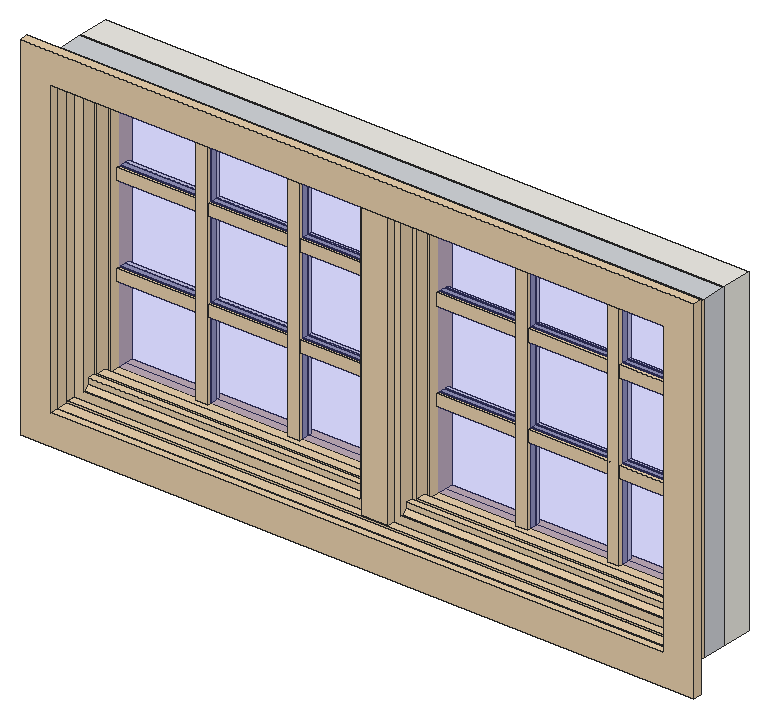
Revit family "1 Window-Awning-Andersen-400_Series_Twin", category Windows, host Wall, Revit 2014
Parameters
  XPanelWidth = (Width / 2) - 0' 0 107/128"  # 1' - 11 21/128"
  XPanelHeight = Height - 0' 1 1/8"  # 1' - 10 7/8"
  Visual Light Transmittance = 0.48  # constant formula
  Thermal Resistance (R) = 0.62871  # 3.5700 (h·ft²·°F)/BTU
  TFL = if(Fractional Lights High > 5, 3, if(or(Fractional Lights High = 4, Fractional Lights High = 5), 2, if(or(Fractional Lights High = 2, Fractional Lights High = 3), 1, 1)))  # 2
  TFB = TFL - 1  # 1
  Solar Heat Gain Coefficient = 0.21  # constant formula
  Learn About These Parameters = "http://www.andersenwindows.com/for-professionals/cad-symbols-bim-support-window-doors/bim-support"
  LWide = if(Enter Pattern Number = 3, 3, if(Enter Pattern Number = 1, . . Lights Wide, Fractional Lights Wide))  # 3
  Heat Transfer Coefficient (U) = 1.5899  # 0.2800 BTU/(h·ft²·°F)
  Glazing Material = Glass ‐ Andersen - Low-E4 SmartSun
  Fractional Lights Wide = 3
  Fractional Lights High = 5
  Exterior Unit Finish = Vinyl - Andersen - White
  Enter Jamb Condition = 1
  Analytic Construction = "<None>"
  ..Jamb Condition Number 1 = "Extension Jamb Only"  # constant formula
  ..Jamb Condition Number 2 = "Narrow Drywall Return"  # constant formula
  ..Jamb Condition Number 3 = "Wide Drywall Return"  # constant formula
  Available Grille Bar Sizes = "3/4'', 7/8'', 1 1/8'', 2 1/4''"  # constant formula
  Between Glass Grille Bar Sizes = "3/4'', 1''"  # constant formula
  Interior Casing = yes
  Grille Bar Size = 0' - 0 7/8"
  Enter Pattern Number = 1
  ..Pattern Number 1 = "Colonial"  # constant formula
  . . Lights Wide = 3
  . . Lights High = 3
  ..Pattern Number 2 = "Modified Colonial"  # constant formula
  ..Pattern Number 3 = "Prairie"  # constant formula
  ..Pattern Number 4 = "Short Fractional"  # constant formula
  ..Pattern Number 5 = "Tall Fractional"  # constant formula
  Extension Jamb = yes
  Enter Exterior Trim Number = 0
  ..Exterior Trim Number 0 = "No Exterior Trim"  # constant formula
  ..Exterior Trim Number 1 = "Brick Mould"  # constant formula
  ..Exterior Trim Number 2 = "3 1/2'' Flat Casing"  # constant formula
  ..Exterior Trim Number 3 = "4 1/2'' Flat Casing"  # constant formula
  Interior Grille Bar = yes
  Exterior Grille Bar = yes
  Between Glass Grille Bar = yes
  xjamb Visibility [instance] = and(and(Enter Jamb Condition = 1, Wall Depth > 0' 2 7/8"), Extension Jamb)  # yes
  xjamb S1 [instance] = if(Wall Depth > 0' 3", Wall Depth - 0' 2 27/32", 0' 3")  # 0' - 1 23/32"
  sill nose1 = 0' - 1 13/16"  # constant formula
  sill nose 2 = 0' - 1 15/16"  # constant formula
  casingS2 = if(Enter Exterior Trim Number = 1, 0' 0 3/16", 0' 0 3/16")  # 0' - 0 3/16"
  casingS1 = if(Enter Exterior Trim Number = 1, 0' 0 7/16", 0' 0 3/16")  # 0' - 0 3/16"
  casing4 = if(Enter Exterior Trim Number = 1, 0' 1 3/4", if(Enter Exterior Trim Number = 2, 0' 3 1/4", 0' 4 1/4"))  # 0' - 4 1/4"
  casing3 = 0' - 0 1/2"  # constant formula
  casing2 = 0' - 0 7/8"  # constant formula
  casing1 = 0' - 0 1/4"  # constant formula
  Xjamb 2 = if(or(Enter Jamb Condition = 2, Enter Jamb Condition = 3), 0' 0 1/32", 0' 0 1/2")  # 0' - 0 1/2"
  Xjamb 1 = if(or(Enter Jamb Condition = 2, Enter Jamb Condition = 3), 0' 0 5/8", 0' 1 3/32")  # 0' - 1 3/32"
  Wall Thickness [instance] = 0' - 6"
  Wall Depth [instance] = 0' - 4 9/16"
  Void Offset 2 = if(Enter Exterior Trim Number > 0, 0' 1 15/16", 0' 0")  # 0' - 0"
  Void Offset 1 = if(Enter Exterior Trim Number > 0, casing4, 0' 0")  # 0' - 0"
  Void Depth [instance] = if(Wall Thickness > Wall Depth, 0' 1" + Wall Thickness - Wall Depth, 0' 1")  # 0' - 2 7/16"
  VeriLock Sensor [instance] = no
  VGB DLO = if(Enter Pattern Number = 3, 0' 4", (H DLO - (Grille Bar Size * (V Bars))) / if(LWide > 2, LWide, 3))  # 1' - 1.91667"
  V Bars = if(Enter Pattern Number = 3, 2, if(LWide > 2, LWide - 1, 2))  # 2
  URL = "www.andersenwindows.com"
  Type Comments = "Vinyl-clad wood awning window"
  TS V DLO = Height - HGO - SGO  # 1' - 7 3/8"
  TS V Bar Length = if(or(Enter Pattern Number = 5, Enter Pattern Number = 2), ((((Height - HGO - SGO - (Grille Bar Size * (Fractional Lights High - 1))) / Fractional Lights High)) * TFL) + (TFB * Grille Bar Size), if(Enter Pattern Number = 4, ((Height - HGO - SGO - (Grille Bar Size * (Fractional Lights High - 1))) / Fractional Lights High), Height - HGO - SGO))  # 1' - 7 3/8"
  TS SH DLO = if(or(Enter Pattern Number = 5, Enter Pattern Number = 2), ((((Height - HGO - SGO - (Grille Bar Size * (Fractional Lights High - 1))) / Fractional Lights High)) * TFL) + (TFB * Grille Bar Size) + HGO + (Grille Bar Size / 2), if(Enter Pattern Number = 4, TS V Bar Length + HGO + (Grille Bar Size / 2), (TS V DLO / 2) + HGO))  # 1' - 0 1/16"
  TS S V = or(and(LWide = 2, Enter Pattern Number = 1), and(Fractional Lights Wide = 2, or(or(Enter Pattern Number = 2, Enter Pattern Number = 4), Enter Pattern Number = 5)))  # no
  TS S H Craftsman = and(Enter Pattern Number = 2, or(Fractional Lights High = 4, Fractional Lights High = 5))  # no
  TS S H = or(or(or(and(. . Lights High = 2, Enter Pattern Number = 1), and(Enter Pattern Number = 4, Fractional Lights High > 1)), and(Enter Pattern Number = 5, Fractional Lights High > 1)), and(Enter Pattern Number = 2, Fractional Lights High > 1))  # no
  TS M V = LWide > 2  # yes
  TS M H = or(or(Enter Pattern Number = 3, and(. . Lights High > 2, Enter Pattern Number = 1)), and(Enter Pattern Number = 2, Fractional Lights High > 5))  # yes
  TS HGB DLO = if(Enter Pattern Number = 1, if(. . Lights High > 2, ((TS V Bar Length - (Grille Bar Size * (. . Lights High - 1))) / . . Lights High), 0' 4"), if(Enter Pattern Number = 3, 0' 4", if(Fractional Lights High > 2, ((TS V Bar Length - (Grille Bar Size * 2)) / 3), 0' 4")))  # 0' - 5 7/8"
  TS H Bars = if(Enter Pattern Number = 3, 2, if(Enter Pattern Number = 1, if(. . Lights High > 2, . . Lights High - 1, 2), 2))  # 2
  Step Visibility = or(Enter Jamb Condition = 2, Enter Jamb Condition = 3)  # no
  Step Jamb2 = if(Enter Jamb Condition = 2, 0' 0 1/4", 0' 0 13/16")  # 0' - 0 13/16"
  Step Jamb1 = 0' - 1 1/8"  # constant formula
  Sill Stop Dim [instance] = 0' - 2 1/2"
  SGO = 0' - 2 1/4"  # constant formula
  Rough Width = Width + (Rough Opening Offset * 2)  # 4' - 0 1/2"
  Rough Opening Offset = 0' - 0 1/4"
  Rough Height = Height + (Rough Opening Offset * 2)  # 2' - 0 1/2"
  Push Out Stop Visibility [instance] = no
  Product Documentation Link = "https://www.andersenwindows.com/windows-and-doors/windows/awning-windows/400-series-awning-window/"
  Plan Exterior Mask Visibility [instance] = Plan Exterior Mask 2 > 0' 0 1/32"  # yes
  Plan Exterior Mask 2 [instance] = if(Enter Exterior Trim Number > 0, if(Wall Depth + 0' 1 1/16" + casingS1 > Wall Thickness, 0' 0 1/32", Wall Thickness - Wall Depth - 0' 1 1/16" - casingS1), if(Wall Depth + 0' 1 1/16" > Wall Thickness, 0' 0 1/32", Wall Thickness - Wall Depth - 0' 0 1/16"))  # 0' - 1 3/8"
  Plan Exterior Mask [instance] = if(Enter Exterior Trim Number > 0, 0' 1 1/16" + casingS1, 0' 1 1/16")  # 0' - 1 1/16"
  Nail Fin Visibility = Enter Exterior Trim Number = 0  # yes
  Model = "400-Series Awning"  # constant formula
  Masonry Width = if(Enter Exterior Trim Number > 0, Width + ((casing4 + Masonry Opening Offset) * 2), Width + (Masonry Opening Offset * 2))  # 4' - 0 1/2"
  Masonry Opening Offset = 0' - 0 1/4"
  Masonry Height = if(Enter Exterior Trim Number > 0, Height + (casing4 + Masonry Opening Offset) + (sill nose 2 + Masonry Opening Offset), Height + (Masonry Opening Offset * 2))  # 2' - 0 1/2"
  Manufacturer = "Andersen Corporation"  # constant formula
  JGO = 0' - 2 1/4"  # constant formula
  Interior Trim Visibility = and(Enter Jamb Condition = 1, Interior Casing)  # yes
  Interior Material = Wood - Andersen - Pine
  Interior Casing Size = 0' - 2 1/4"
  Horizontal Craftsman Bar Size = 0' - 0 7/8"
  Height = 2' - 0"
  Head Stop Dim [instance] = 0' - 2 17/64"
  HGO = 0' - 2 3/8"  # constant formula
  H DLO = Width - (JGO * 2)  # 3' - 7 1/2"
  Family Version = "01.01.19"  # constant formula
  Exterior Trim Finish = Fibrex Composite - Andersen - White
  Designation = "CMT"
  Description = "Vinyl-clad wood awning window"  # constant formula
  Default Sill Height = 6' 10 1/2" - Rough Height  # 4' - 10"
  Wall Closure = By host
  Width = 4' - 0"
  Crank Out Stop Visibility [instance] = yes
  Coarse Plan [instance] = if(Wall Depth < Wall Thickness, Wall Depth, Wall Thickness)  # 0' - 4 9/16"
  Casing Visibility = Enter Exterior Trim Number > 0  # no
  Between Glass Grille Bar Finish = Stainless Steel - Andersen - Standard
  Bar Center Line = if(Enter Pattern Number = 3, 1, 2)  # 2
  Assembly Code = "B2020100"
Reference planes (in)
  plane 1 "Center (Front/Back)": y = 0
  plane 2: z = 0
  plane 3 "Center (Left/Right)": x = 0
  plane 4 "R Frame": x = -24
  plane 5 "L Frame": x = 24
  plane 6 "B Frame": z = 58.25
  plane 7 "T Frame": z = 82.25
  plane 8 "L Glazing": x = 21.75
  plane 9 "L Ext Frame": x = 23.514
  plane 10 "L Stop": x = 22
  plane 11 "L Xjamb 1": x = 22.90625
  plane 12 "L Casing 1": x = 23.75
  plane 13 "L Xjamb 2": x = 23.5
  plane 14 "L Rough Opening": x = 24.25
  plane 15 "L Casing 2": x = 27.375
  plane 16 "L Casing 3": x = 27.75
  plane 17 "L Casing 4": x = 28.25
  plane 18 "R Glazing": x = -21.75
  plane 19 "R Ext Frame": x = -23.514
  plane 20 "R Stop": x = -22
  plane 21 "R Xjamb 1": x = -22.90625
  plane 22 "R Casing 1": x = -23.75
  plane 23 "R Xjamb 2": x = -23.5
  plane 24 "R Rough Opening": x = -24.25
  plane 25 "R Casing 2": x = -27.375
  plane 26 "R Casing 3": x = -27.75
  plane 27 "R Casing 4": x = -28.25
  plane 28 "R Int Casing": x = -25.15625
  plane 29 "T Ext Frame": z = 81.68689
  plane 30 "T Xjamb 1": z = 81.15625
  plane 31 "T Casing 1": z = 82
  plane 32 "T Xjamb 2": z = 81.75
  plane 33 "T Rough Opening": z = 82.5
  plane 34 "T Casing 2": z = 85.625
  plane 35 "T Casing 3": z = 86
  plane 36 "T Casing 4": z = 86.5
  plane 37 "T Int Casing": z = 83.40625
  plane 38 "B Ext Frame": z = 58.81311
  plane 39 "B Xjamb 2": z = 58.75
  plane 40 "B Casing 1": z = 58.5
  plane 41 "B Casing 2": z = 56.3125
  plane 42 "B Int Casing": z = 56.985
  plane 43 "L Int Casing": x = 25.15625
  plane 44 "Casing S1": y = 3.062
  plane 45 "Casing S2": y = 3.062
  plane 46 "Frame S1": y = 2.8745
  plane 47 "Flange": y = 1.5625
  plane 48 "Sash1 S2": y = 0.5625
  plane 49 "Frame S2": y = -1.2855
  plane 50 "B Xjamb 1": z = 59.235
  plane 51 "Exterior Offset": y = 4
  plane 52 "Interior Casing": y = -3.625
  plane 53 "B Rough Opening": z = 58
  plane 54 "R Masonry Opening": x = -28.5
  plane 55 "L Masonry Opening": x = 28.5
  plane 56 "T Masonry Opening": z = 86.75
  plane 57 "B Masonry Opening": z = 56.0625
  plane 58 "Xjamb S1": y = -1.28125
  plane 59 "R Sash": x = -23.42
  plane 60 "L Sash": x = 23.42
  plane 61 "Stop S1": y = -1.4375
  plane 62 "T Sash": z = 81.5
  plane 63 "T Int Frame": z = 81.14
  plane 64 "B Int Frame": z = 59.235
  plane 65 "L Int Frame": x = 22.891
  plane 66 "R Int Frame": x = -22.891
  plane 67 "T Stop": z = 79.98437
  plane 68 "B Stop": z = 60.75
Forms (in)
  Extrusion 1, void
    sketch origin (0, 0, 0) x (1, 0, 0) y (0, 0, 1)
      loop
        line (24, 82.25) -> (-24, 82.25) -> (-24, 58.25) -> (24, 58.25) -> (24, 82.25)
    from -1.5625 to 3
  Extrusion 2, void
    sketch origin (0, 0, 0) x (1, 0, 0) y (0, 0, 1)
      loop
        line (24, 82.25) -> (-24, 82.25) -> (-24, 58.25) -> (24, 58.25) -> (24, 82.25)
    from -15 to -1.5625
  Extrusion 3, solid, material "Wood - Andersen - Pine" <- "Interior Material", visible <- "xjamb Visibility", detail levels medium+fine
    sketch origin (0, -2.5625, 0) x (-1, 0, 0) y (0, 0, 1)
      loop
        line (23.5, 81.75) -> (-23.5, 81.75) -> (-23.5, 58.75) -> (23.5, 58.75) -> (23.5, 81.75)
      loop
        line (22.90625, 81.15625) -> (-22.90625, 81.15625) -> (-22.90625, 59.235) -> (22.90625, 59.235) -> (22.90625, 81.15625)
    from 1.28125 to -0.4375
  Extrusion 4, solid, material "Wood - Andersen - Pine" <- "Interior Material", visible <- "Interior Trim Visibility", detail levels fine
    sketch origin (0, -3.625, 0) x (-1, 0, 0) y (0, 0, 1)
      loop
        line (25.15625, 83.40625) -> (-25.15625, 83.40625) -> (-25.15625, 56.985) -> (25.15625, 56.985) -> (25.15625, 83.40625)
      loop
        line (22.90625, 81.15625) -> (-22.90625, 81.15625) -> (-22.90625, 59.235) -> (22.90625, 59.235) -> (22.90625, 81.15625)
    from 0 to 0.625
  Extrusion 5, solid, material "Fibrex Composite - Andersen - White" <- "Exterior Trim Finish", visible <- "Casing Visibility", detail levels medium+fine
    sketch origin (0, 0, 0) x (0, 1, 0) y (0, 0, 1)
      loop
        line (2.31163, 58.25) -> (1.5625, 58.25) -> (1.5625, 56.3125) -> (3.375, 56.3125) -> (3.375, 58.0625) -> (2.31163, 58.25)
    from -28.25 to 28.25
  Sweep 6, solid, material "Fibrex Composite - Andersen - White" <- "Exterior Trim Finish", visible <- "Casing Visibility", detail levels medium+fine
    path origin (0, 1.5625, 0) x (-1, 0, 0) y (0, 0, 1)
      loop
        line (-28.25, 56.3125) -> (-28.25, 86.5) -> (28.25, 86.5) -> (28.25, 56.3125)
    profile origin (28.25, 1.5625, 71.40625) x (1, 0, 0) y (0, 1, 0)
      loop
        line (-0.875, 1.4995) -> (-4.5, 1.4995) -> (-4.5, 0) -> (0, 0) -> (0, 1.4995) -> (-0.5, 1.4995) -> (-0.875, 1.4995)
  Extrusion 7, solid, material "Fibrex Composite - Andersen - White" <- "Exterior Trim Finish", visible <- "Casing Visibility", detail levels coarse
    sketch origin (0, 1.5625, 0) x (-1, 0, 0) y (0, 0, 1)
      loop
        line (-28.25, 86.5) -> (-28.25, 56.3125) -> (28.25, 56.3125) -> (28.25, 86.5) -> (-28.25, 86.5)
      loop
        line (-23.75, 82) -> (-23.75, 58.25) -> (23.75, 58.25) -> (23.75, 82) -> (-23.75, 82)
    from 0 to 1.4995
  Extrusion 8, solid, material "Vinyl - Andersen - White" <- "Exterior Unit Finish"
    sketch origin (0, 0, 0) x (1, 0, 0) y (0, 0, 1)
      loop
        line (24, 82.25) -> (-24, 82.25) -> (-24, 58.25) -> (24, 58.25) -> (24, 82.25)
      loop
        line (23.514, 81.68689) -> (-23.514, 81.68689) -> (-23.514, 58.81311) -> (23.514, 58.81311) -> (23.514, 81.68689)
    from -2.8745 to -0.5625
  Extrusion 9, solid
    sketch origin (0, 0, 0) x (1, 0, 0) y (0, 0, 1)
      loop
        line (24, 82.25) -> (-24, 82.25) -> (-24, 58.25) -> (24, 58.25) -> (24, 82.25)
      loop
        line (22.891, 81.14) -> (-22.891, 81.14) -> (-22.891, 59.235) -> (22.891, 59.235) -> (22.891, 81.14)
    from -0.5625 to 1.2855
  Extrusion 10, solid, material "Wood - Andersen - Pine" <- "Interior Material"
    sketch origin (0, 0, 0) x (0, 1, 0) y (0, 0, 1)
      loop
        line (-0.4375, 60.75) -> (-0.4375, 60.673) -> (-1.00544, 60.673) -> (-1.00544, 60.26216) -> (-1.2885, 59.922) -> (-1.4375, 59.922) -> (-1.4375, 59.235) -> (0.5625, 59.235) -> (0.5625, 60.47) -> (0.2955, 60.75) -> (-0.4375, 60.75)
    from -22.891 to 22.891
  Extrusion 11, solid, material "Wood - Andersen - Pine" <- "Interior Material"
    sketch origin (0, 0, 0) x (1, 0, 0) y (0, 1, 0)
      loop
        line (-22.891, -1.4375) -> (-22.188, -1.4375) -> (-22.188, -0.4375) -> (-22, -0.4375) -> (-22, 0.5625) -> (-22.891, 0.5625) -> (-22.891, -1.4375)
      loop
        line (22.891, -1.4375) -> (22.891, 0.5625) -> (22, 0.5625) -> (22, -0.4375) -> (22.188, -0.4375) -> (22.188, -1.4375) -> (22.891, -1.4375)
    from 59.235 to 81.14
  Sweep 12, solid, material "Wood - Andersen - Pine" <- "Interior Material"
    path origin (0, 1.5625, 0) x (-1, 0, 0) y (0, 0, 1)
      loop
        line (24, 58.25) -> (24, 82.25) -> (-24, 82.25) -> (-24, 58.25) -> (24, 58.25)
    profile origin (-24, 1.5625, 70.25) x (1, 0, 0) y (0, 1, 0)
      loop
        line (0, -2.848) -> (0, -3.6605) -> (1.09375, -3.6605) -> (1.09375, -2.848) -> (0, -2.848)
  Extrusion 13, solid, material "Wood - Andersen - Pine" <- "Interior Material"
    sketch origin (0, 0, 0) x (0, 1, 0) y (0, 0, 1)
      loop
        line (-1.4375, 81.14) -> (-1.4375, 80.345) -> (-0.4375, 80.345) -> (-0.4375, 79.98437) -> (0.5625, 79.98437) -> (0.5625, 81.14) -> (-1.4375, 81.14)
    from -22.891 to 22.891
  Extrusion 14, solid, material "Vinyl - Andersen - White" <- "Exterior Unit Finish"
    sketch origin (-5.60216, -18.52795, 58.25) x (0, -1, 0) y (1, 0, 0)
      loop
        line (-21.40245, 5.25223) -> (-19.09045, 5.25223) -> (-19.09045, 5.9521) -> (-21.40245, 5.9521) -> (-21.40245, 5.25223)
    from 0.56311 to 23.43689
  Extrusion 15, solid, material "Wood - Andersen - Pine" <- "Interior Material"
    sketch origin (-5.60216, -18.52795, 58.25) x (0, -1, 0) y (1, 0, 0)
      loop
        line (-19.09045, 3.73616) -> (-18.09045, 3.73616) -> (-18.09045, 4.09616) -> (-17.09045, 4.09616) -> (-17.09045, 4.62716) -> (-16.57245, 4.62716) -> (-16.57245, 6.57716) -> (-17.09045, 6.57716) -> (-17.09045, 7.10816) -> (-18.09045, 7.10816) -> (-18.09045, 7.46816) -> (-19.09045, 7.46816) -> (-19.09045, 3.73616)
    from 0.985 to 22.89
Cuts and joins
  joined: Extrusion 5, Sweep 6
  joined: Extrusion 10, Extrusion 11, Sweep 12, Extrusion 13, Extrusion 15
  joined: Extrusion 8, Extrusion 14
Lines and regions (in)
  Masking region 1, detail levels medium+fine
    outline origin (0, 0, 58.81311) x (0, -1, 0) y (1, 0, 0)
      loop
        line (-2.8745, -24) -> (1.2855, -24) -> (1.2855, -22.891) -> (1.4375, -22.891) -> (1.4375, 22.891) -> (1.2855, 22.891) -> (1.2855, 24) -> (-2.8745, 24) -> (-2.8745, -24)
  Masking region 2, visible <- "Casing Visibility", detail levels medium+fine
    outline origin (0, 0, 58.25) x (0, -1, 0) y (1, 0, 0)
      loop
        line (-2.8745, -24) -> (-2.8745, 24) -> (-1.5625, 24) -> (-1.5625, 28.25) -> (-3.062, 28.25) -> (-3.062, -28.25) -> (-1.5625, -28.25) -> (-1.5625, -24) -> (-2.8745, -24)
  Masking region 3, visible <- "Nail Fin Visibility", detail levels coarse
    outline origin (0, 0, 58.25) x (0, -1, 0) y (1, 0, 0)
      loop
        line (-4, -24) -> (3, -24) -> (3, 24) -> (-4, 24) -> (-4, -24)
  Masking region 4
    outline origin (0, 0, 0) x (0, 1, 0) y (0, 0, 1)
      loop
        line (2.8745, 82.25) -> (-1.2855, 82.25) -> (-1.2855, 81.14) -> (-1.4375, 81.14) -> (-1.4375, 59.235) -> (-1.2855, 59.235) -> (-1.2855, 58.25) -> (2.8745, 58.25) -> (2.8745, 82.25)
  Masking region 5, visible <- "Casing Visibility"
    outline origin (0, 0, 0) x (0, 1, 0) y (0, 0, 1)
      loop
        line (2.8745, 58.15075) -> (2.8745, 58.25) -> (1.5625, 58.25) -> (1.5625, 56.3125) -> (3.375, 56.3125) -> (3.375, 58.0625) -> (2.8745, 58.15075)
  Masking region 6, visible <- "Casing Visibility"
    outline origin (0, 0, 0) x (0, 1, 0) y (0, 0, 1)
      loop
        line (2.8745, 82.25) -> (2.8745, 58.15075) -> (3.062, 58.11769) -> (3.062, 86.5) -> (1.5625, 86.5) -> (1.5625, 82.25) -> (2.8745, 82.25)
  Masking region 7, visible <- "Casing Visibility", detail levels coarse
    outline origin (0, 0, 58.25) x (0, -1, 0) y (1, 0, 0)
      loop
        line (-4, -28.25) -> (-1.5625, -28.25) -> (-1.5625, -24) -> (3, -24) -> (3, 24) -> (-1.5625, 24) -> (-1.5625, 28.25) -> (-4, 28.25) -> (-4, -28.25)
  Masking region 8, visible <- "Step Visibility", detail levels medium+fine
    outline origin (0, 0, 0) x (0, 1, 0) y (0, 0, 1)
      loop
        line (-1.28125, 82.25) -> (-2.098, 82.25) -> (-2.098, 58.25) -> (-1.28125, 58.25) -> (-1.28125, 59.235) -> (-1.4375, 59.235) -> (-1.4375, 81.14) -> (-1.28125, 81.14) -> (-1.28125, 82.25)
  Masking region 9, visible <- "xjamb Visibility", detail levels medium+fine
    outline origin (0, 0, 0) x (0, 1, 0) y (0, 0, 1)
      loop
        line (-1.28125, 81.75) -> (-3, 81.75) -> (-3, 58.75) -> (-1.28125, 58.75) -> (-1.28125, 59.235) -> (-1.4375, 59.235) -> (-1.4375, 81.14) -> (-1.28125, 81.14) -> (-1.28125, 81.75)
  Masking region 10, visible <- "Interior Trim Visibility", detail levels fine
    outline origin (0, 0, 0) x (0, 1, 0) y (0, 0, 1)
      loop
        line (-3, 83.40625) -> (-3.625, 83.40625) -> (-3.625, 56.985) -> (-3, 56.985) -> (-3, 83.40625)
  Masking region 11, visible <- "Step Visibility", detail levels medium+fine
    outline origin (0, 0, 58.25) x (0, -1, 0) y (1, 0, 0)
      loop
        line (1.28125, -24) -> (2.098, -24) -> (2.098, 24) -> (1.28125, 24) -> (1.28125, 22.891) -> (1.4375, 22.891) -> (1.4375, -22.891) -> (1.28125, -22.891) -> (1.28125, -24)
  Masking region 12, visible <- "xjamb Visibility", detail levels medium+fine
    outline origin (0, 0, 58.25) x (0, -1, 0) y (1, 0, 0)
      loop
        line (1.28125, -23.5) -> (3, -23.5) -> (3, 23.5) -> (1.28125, 23.5) -> (1.28125, 22.891) -> (1.4375, 22.891) -> (1.4375, -22.891) -> (1.28125, -22.891) -> (1.28125, -23.5)
  Masking region 13, visible <- "Interior Trim Visibility", detail levels fine
    outline origin (0, 0, 58.25) x (0, -1, 0) y (1, 0, 0)
      loop
        line (3, -25.15625) -> (3.625, -25.15625) -> (3.625, 25.15625) -> (3, 25.15625) -> (3, -25.15625)
  symbolic lines, style "WindowsFrameMullionProjection", visible <- "Casing Visibility", detail levels fine
    curve 1: line (27.75, 3.062, 58.25) -> (27.375, 3.062, 58.25)
    curve 2: line (27.375, 3.062, 58.25) -> (23.75, 3.062, 58.25)
    curve 3: line (23.75, 3.062, 58.25) -> (23.75, 2.8745, 58.25)
    curve 4: line (-27.75, 3.062, 58.25) -> (-27.375, 3.062, 58.25)
    curve 5: line (-27.375, 3.062, 58.25) -> (-23.75, 3.062, 58.25)
    curve 6: line (-23.75, 3.062, 58.25) -> (-23.75, 2.8745, 58.25)
  symbolic lines, style "WindowsFrameMullionProjection", detail levels medium
    curve 7: line (-23.514, 2.8745, 58.25) -> (-23.514, 0.5625, 58.25)
    curve 8: line (23.514, 2.8745, 58.25) -> (23.514, 0.5625, 58.25)
    curve 66: line (23.514, 0.5625, 0) -> (22, 0.5625, 0)
    curve 67: line (22, 0.5625, 0) -> (22, -1.4375, 0)
    curve 68: line (-23.514, 0.5625, 0) -> (-22, 0.5625, 0)
    curve 69: line (-22, 0.5625, 0) -> (-22, -1.4375, 0)
    curve 379: line (-0.352, 2.8745, 0) -> (0.352, 2.8745, 0)
    curve 380: line (0.352, 2.8745, 0) -> (0.352, 0.5625, 0)
    curve 381: line (0.352, 0.5625, 0) -> (1.866, 0.5625, 0)
    curve 382: line (1.866, 0.5625, 0) -> (1.866, -1.4375, 0)
    curve 383: line (1.866, -1.4375, 0) -> (0.975, -1.4375, 0)
    curve 384: line (0.975, -1.4375, 0) -> (0.975, -1.9555, 0)
    curve 385: line (0.975, -1.9555, 0) -> (-0.975, -1.9555, 0)
    curve 386: line (-0.975, -1.9555, 0) -> (-0.975, -1.4375, 0)
    curve 387: line (-0.975, -1.4375, 0) -> (-1.866, -1.4375, 0)
    curve 388: line (-1.866, -1.4375, 0) -> (-1.866, 0.5625, 0)
    curve 389: line (-1.866, 0.5625, 0) -> (-0.352, 0.5625, 0)
    curve 390: line (-0.352, 0.5625, 0) -> (-0.352, 2.8745, 0)
  symbolic lines, style "WindowsFrameMullionProjection", detail levels coarse
    curve 9: line (-22, -3, 58.25) -> (-22, 4, 58.25)
    curve 10: line (22, -3, 58.25) -> (22, 4, 58.25)
  symbolic lines, style "WindowsGlassProjection", detail levels coarse
    curve 11: line (-22, 0, 58.25) -> (22, 0, 58.25)
    curve 12: line (-22, 1, 58.25) -> (22, 1, 58.25)
  symbolic lines, style "WindowsFrameMullionProjection", visible <- "Casing Visibility"
    curve 13: line (0, 3.062, 86) -> (0, 3.062, 85.625)
    curve 14: line (0, 3.062, 85.625) -> (0, 3.062, 82)
    curve 15: line (0, 3.062, 82) -> (0, 2.8745, 82)
    curve 184: line (-28.25, 3.062, 58.25) -> (-28.25, 1.5625, 58.25)
    curve 186: line (28.25, 3.062, 58.25) -> (28.25, 1.5625, 58.25)
    curve 188: line (0, 3.062, 86.5) -> (0, 1.5625, 86.5)
    curve 190: line (0, 3.062, 56.3125) -> (0, 1.5625, 56.3125)
  symbolic lines, style "WindowsFrameMullionProjection", visible <- "Casing Visibility", detail levels medium
    curve 16: line (-24, 2.8745, 58.25) -> (-24, 3.062, 58.25)
    curve 17: line (24, 3.062, 58.25) -> (24, 2.8745, 58.25)
  symbolic lines, style "WindowsFrameMullionProjection", visible <- "Nail Fin Visibility", detail levels medium+fine
    curve 18: line (-24, 1.5625, 0) -> (-25.5, 1.5625, 0)
    curve 50: line (24, 1.5625, 0) -> (25.5, 1.5625, 0)
  symbolic lines, style "WindowsFrameMullionProjection", detail levels fine
    curve 19: line (-22.891, -1.4375, 0) -> (-22.891, 1.0895, 0)
    curve 20: line (-22, 0.5625, 0) -> (-22, -0.505, 0)
    curve 21: line (-23.19253, 1.0895, 0) -> (-23.31813, 1.9375, 0)
    curve 22: line (-23.03384, 1.3805, 0) -> (-23.03384, 2.0625, 0)
    curve 23: line (-23.34196, 2.0625, 0) -> (-23.42, 2.3755, 0)
    curve 24: line (-23.42, 2.3755, 0) -> (-23.42, 2.5625, 0)
    curve 25: line (-23.42, 2.5625, 0) -> (-22.42814, 2.5625, 0)
    curve 28: line (-22, 0.5625, 0) -> (-21.75, 1.2845, 0)
    curve 40: line (-22.375, 2.3125, 0) -> (-22.375, 1.2845, 0)
    curve 41: line (-22.01883, 2.3125, 0) -> (-21.75, 1.9105, 0)
    curve 46: line (-21.87475, 1.3805, 0) -> (-21.87475, 1.8145, 0)
    curve 51: line (22.891, -1.4375, 0) -> (22.891, 1.0895, 0)
    curve 52: line (22, 0.5625, 0) -> (22, -0.505, 0)
    curve 53: line (23.19253, 1.0895, 0) -> (23.31813, 1.9375, 0)
    curve 54: line (23.03384, 1.3805, 0) -> (23.03384, 2.0625, 0)
    curve 55: line (23.34196, 2.0625, 0) -> (23.42, 2.3755, 0)
    curve 56: line (23.42, 2.3755, 0) -> (23.42, 2.5625, 0)
    curve 57: line (23.42, 2.5625, 0) -> (22.42814, 2.5625, 0)
    curve 60: line (22, 0.5625, 0) -> (21.75, 1.2845, 0)
    curve 61: line (22.375, 2.3125, 0) -> (22.375, 1.2845, 0)
    curve 62: line (22.01883, 2.3125, 0) -> (21.75, 1.9105, 0)
    curve 65: line (21.87475, 1.3805, 0) -> (21.87475, 1.8145, 0)
    curve 84: line (0, 1.8145, 80.01044) -> (0, 1.3805, 80.01044)
    curve 90: line (-22, -0.505, 0) -> (-22.36, -0.505, 0)
    curve 91: line (-22.36, -0.505, 0) -> (-22.36, -1.4375, 0)
    curve 94: line (22, -0.505, 0) -> (22.36, -0.505, 0)
    curve 95: line (22.36, -0.505, 0) -> (22.36, -1.4375, 0)
    curve 109: line (-23.45476, 1.9375, 0) -> (-23.514, 2.3375, 0)
    curve 110: line (-23.31813, 1.9375, 0) -> (-23.45476, 1.9375, 0)
    curve 111: line (-22.6, 0.5625, 0) -> (-22.775, 1.3805, 0)
    curve 112: line (-22.375, 2.3125, 0) -> (-22.01883, 2.3125, 0)
    curve 113: line (-23.34196, 2.0625, 0) -> (-23.03384, 2.0625, 0)
    curve 114: line (-23.03384, 1.3805, 0) -> (-22.775, 1.3805, 0)
    curve 115: line (-22.891, 0.5625, 0) -> (-22, 0.5625, 0)
    curve 116: line (-23.19253, 1.0895, 0) -> (-22.891, 1.0895, 0)
    curve 125: line (23.45476, 1.9375, 0) -> (23.514, 2.3375, 0)
    curve 126: line (23.31813, 1.9375, 0) -> (23.45476, 1.9375, 0)
    curve 127: line (22.6, 0.5625, 0) -> (22.775, 1.3805, 0)
    curve 128: line (22.375, 2.3125, 0) -> (22.01883, 2.3125, 0)
    curve 129: line (23.34196, 2.0625, 0) -> (23.03384, 2.0625, 0)
    curve 130: line (23.03384, 1.3805, 0) -> (22.775, 1.3805, 0)
    curve 131: line (22.891, 0.5625, 0) -> (22, 0.5625, 0)
    curve 132: line (23.19253, 1.0895, 0) -> (22.891, 1.0895, 0)
    curve 133: line (-23.514, 2.3375, 0) -> (-23.514, 2.8745, 0)
    curve 135: line (23.514, 2.3375, 0) -> (23.514, 2.8745, 0)
    curve 136: line (-22.42814, 2.5625, 0) -> (-22.375, 2.3125, 0)
    curve 138: line (22.42814, 2.5625, 0) -> (22.375, 2.3125, 0)
    curve 163: line (0, 1.8145, 60.36456) -> (0, 1.3805, 60.36456)
    curve 261: line (0.975, -1.9555, 0) -> (0.975, 1.0895, 0)
    curve 262: line (1.866, 0.5625, 0) -> (1.866, -0.505, 0)
    curve 263: line (0.67347, 1.0895, 0) -> (0.54787, 1.9375, 0)
    curve 264: line (0.83216, 1.3805, 0) -> (0.83216, 2.0625, 0)
    curve 265: line (0.52404, 2.0625, 0) -> (0.446, 2.3755, 0)
    curve 266: line (0.446, 2.3755, 0) -> (0.446, 2.5625, 0)
    curve 267: line (0.446, 2.5625, 0) -> (1.43786, 2.5625, 0)
    curve 270: line (1.866, 0.5625, 0) -> (2.116, 1.2845, 0)
    curve 271: line (1.491, 2.3125, 0) -> (1.491, 1.2845, 0)
    curve 272: line (1.84717, 2.3125, 0) -> (2.116, 1.9105, 0)
    curve 275: line (1.99125, 1.3805, 0) -> (1.99125, 1.8145, 0)
    curve 276: line (1.866, -0.505, 0) -> (1.506, -0.505, 0)
    curve 277: line (1.506, -0.505, 0) -> (1.506, -1.4375, 0)
    curve 278: line (0.41124, 1.9375, 0) -> (0.352, 2.3375, 0)
    curve 279: line (0.54787, 1.9375, 0) -> (0.41124, 1.9375, 0)
    curve 280: line (1.266, 0.5625, 0) -> (1.091, 1.3805, 0)
    curve 281: line (1.491, 2.3125, 0) -> (1.84717, 2.3125, 0)
    curve 282: line (0.52404, 2.0625, 0) -> (0.83216, 2.0625, 0)
    curve 283: line (0.83216, 1.3805, 0) -> (1.091, 1.3805, 0)
    curve 284: line (0.975, 0.5625, 0) -> (1.866, 0.5625, 0)
    curve 285: line (0.67347, 1.0895, 0) -> (0.975, 1.0895, 0)
    curve 286: line (0.352, 2.3375, 0) -> (0.352, 2.8745, 0)
    curve 287: line (1.43786, 2.5625, 0) -> (1.491, 2.3125, 0)
    curve 288: line (-0.975, -1.9555, 0) -> (-0.975, 1.0895, 0)
    curve 289: line (-1.866, 0.5625, 0) -> (-1.866, -0.505, 0)
    curve 290: line (-0.67347, 1.0895, 0) -> (-0.54787, 1.9375, 0)
    curve 291: line (-0.83216, 1.3805, 0) -> (-0.83216, 2.0625, 0)
    curve 292: line (-0.52404, 2.0625, 0) -> (-0.446, 2.3755, 0)
    curve 293: line (-0.446, 2.3755, 0) -> (-0.446, 2.5625, 0)
    curve 294: line (-0.446, 2.5625, 0) -> (-1.43786, 2.5625, 0)
    curve 297: line (-1.866, 0.5625, 0) -> (-2.116, 1.2845, 0)
    curve 298: line (-1.491, 2.3125, 0) -> (-1.491, 1.2845, 0)
    curve 299: line (-1.84717, 2.3125, 0) -> (-2.116, 1.9105, 0)
    curve 302: line (-1.99125, 1.3805, 0) -> (-1.99125, 1.8145, 0)
    curve 303: line (-1.866, -0.505, 0) -> (-1.506, -0.505, 0)
    curve 304: line (-1.506, -0.505, 0) -> (-1.506, -1.4375, 0)
    curve 305: line (-0.41124, 1.9375, 0) -> (-0.352, 2.3375, 0)
    curve 306: line (-0.54787, 1.9375, 0) -> (-0.41124, 1.9375, 0)
    curve 307: line (-1.266, 0.5625, 0) -> (-1.091, 1.3805, 0)
    curve 308: line (-1.491, 2.3125, 0) -> (-1.84717, 2.3125, 0)
    curve 309: line (-0.52404, 2.0625, 0) -> (-0.83216, 2.0625, 0)
    curve 310: line (-0.83216, 1.3805, 0) -> (-1.091, 1.3805, 0)
    curve 311: line (-0.975, 0.5625, 0) -> (-1.866, 0.5625, 0)
    curve 312: line (-0.67347, 1.0895, 0) -> (-0.975, 1.0895, 0)
    curve 313: line (-0.352, 2.3375, 0) -> (-0.352, 2.8745, 0)
    curve 314: line (-1.43786, 2.5625, 0) -> (-1.491, 2.3125, 0)
    curve 315: line (0.352, 2.8745, 0) -> (-0.352, 2.8745, 0)
    curve 316: line (-0.975, -1.4375, 0) -> (-1.506, -1.4375, 0)
    curve 317: line (1.506, -1.4375, 0) -> (0.975, -1.4375, 0)
    curve 318: line (0.975, -1.9555, 0) -> (-0.975, -1.9555, 0)
    curve 319: line (0.975, -1.268, 0) -> (-0.975, -1.268, 0)
  symbolic lines, style "WindowsGlassProjection", detail levels fine
    curve 26: line (-21.75, 1.9105, 0) -> (-22.375, 1.9105, 0)
    curve 27: line (-21.75, 1.2845, 0) -> (-22.375, 1.2845, 0)
    curve 44: line (-21.75, 1.8145, 0) -> (-22.375, 1.8145, 0)
    curve 45: line (-21.75, 1.3805, 0) -> (-22.375, 1.3805, 0)
    curve 58: line (21.75, 1.9105, 0) -> (22.375, 1.9105, 0)
    curve 59: line (21.75, 1.2845, 0) -> (22.375, 1.2845, 0)
    curve 63: line (21.75, 1.8145, 0) -> (22.375, 1.8145, 0)
    curve 64: line (21.75, 1.3805, 0) -> (22.375, 1.3805, 0)
    curve 82: line (0, 1.8145, 80.364) -> (0, 1.8145, 79.875)
    curve 83: line (0, 1.3805, 80.364) -> (0, 1.3805, 79.875)
    curve 161: line (0, 1.8145, 60.011) -> (0, 1.8145, 60.5)
    curve 162: line (0, 1.3805, 60.011) -> (0, 1.3805, 60.5)
    curve 268: line (2.116, 1.9105, 0) -> (1.491, 1.9105, 0)
    curve 269: line (2.116, 1.2845, 0) -> (1.491, 1.2845, 0)
    curve 273: line (2.116, 1.8145, 0) -> (1.491, 1.8145, 0)
    curve 274: line (2.116, 1.3805, 0) -> (1.491, 1.3805, 0)
    curve 295: line (-2.116, 1.9105, 0) -> (-1.491, 1.9105, 0)
    curve 296: line (-2.116, 1.2845, 0) -> (-1.491, 1.2845, 0)
    curve 300: line (-2.116, 1.8145, 0) -> (-1.491, 1.8145, 0)
    curve 301: line (-2.116, 1.3805, 0) -> (-1.491, 1.3805, 0)
  symbolic lines, style "WindowsFrameMullionProjection", visible <- "Nail Fin Visibility", not visible, detail levels medium+fine
    curve 29: line (-35.18862, 120.69666, 0) -> (-36.68862, 120.69666, 0)
  symbolic lines, style "WindowsFrameMullionProjection", not visible, detail levels fine
    curve 30: line (-34.07962, 117.69666, 0) -> (-34.07962, 120.22366, 0)
    curve 31: line (-33.18862, 119.69666, 0) -> (-33.18862, 118.62916, 0)
    curve 32: line (-34.38115, 120.22366, 0) -> (-34.50674, 121.07166, 0)
    curve 33: line (-34.22246, 120.51466, 0) -> (-34.22246, 121.19666, 0)
    curve 34: line (-34.53058, 121.19666, 0) -> (-34.60862, 121.50966, 0)
    curve 35: line (-34.60862, 121.50966, 0) -> (-34.60862, 121.69666, 0)
    curve 36: line (-34.60862, 121.69666, 0) -> (-33.61676, 121.69666, 0)
    curve 39: line (-33.18862, 119.69666, 0) -> (-32.93862, 120.41866, 0)
    curve 42: line (-33.56362, 121.44666, 0) -> (-33.56362, 120.41866, 0)
    curve 43: line (-33.20744, 121.44666, 0) -> (-32.93862, 121.04466, 0)
    curve 49: line (-33.06337, 120.51466, 0) -> (-33.06337, 120.94866, 0)
    curve 92: line (-33.18862, 118.62916, 0) -> (-33.54862, 118.62916, 0)
    curve 93: line (-33.54862, 118.62916, 0) -> (-33.54862, 117.69666, 0)
    curve 117: line (-34.64338, 121.07166, 0) -> (-34.70262, 121.47166, 0)
    curve 118: line (-34.50674, 121.07166, 0) -> (-34.64338, 121.07166, 0)
    curve 119: line (-33.78862, 119.69666, 0) -> (-33.96362, 120.51466, 0)
    curve 120: line (-33.56362, 121.44666, 0) -> (-33.20744, 121.44666, 0)
    curve 121: line (-34.53058, 121.19666, 0) -> (-34.22246, 121.19666, 0)
    curve 122: line (-34.22246, 120.51466, 0) -> (-33.96362, 120.51466, 0)
    curve 123: line (-34.07962, 119.69666, 0) -> (-33.18862, 119.69666, 0)
    curve 124: line (-34.38115, 120.22366, 0) -> (-34.07962, 120.22366, 0)
    curve 134: line (-34.70262, 121.47166, 0) -> (-34.70262, 122.00866, 0)
    curve 137: line (-33.61676, 121.69666, 0) -> (-33.56362, 121.44666, 0)
    curve 207: line (0, 1.8145, 48.36456) -> (0, 1.3805, 48.36456)
    curve 242: line (0, 1.8145, 80.01044) -> (0, 1.3805, 80.01044)
    curve 320: line (-7.03303, 13.57718, 0) -> (-7.03303, 16.62218, 0)
    curve 321: line (-6.14203, 16.09518, 0) -> (-6.14203, 15.02768, 0)
    curve 322: line (-7.33457, 16.62218, 0) -> (-7.46016, 17.47018, 0)
    curve 323: line (-7.17587, 16.91318, 0) -> (-7.17587, 17.59518, 0)
    curve 324: line (-7.48399, 17.59518, 0) -> (-7.56203, 17.90818, 0)
    curve 325: line (-7.56203, 17.90818, 0) -> (-7.56203, 18.09518, 0)
    curve 326: line (-7.56203, 18.09518, 0) -> (-6.57017, 18.09518, 0)
    curve 329: line (-6.14203, 16.09518, 0) -> (-5.89203, 16.81718, 0)
    curve 330: line (-6.51703, 17.84518, 0) -> (-6.51703, 16.81718, 0)
    curve 331: line (-6.16086, 17.84518, 0) -> (-5.89203, 17.44318, 0)
    curve 334: line (-6.01678, 16.91318, 0) -> (-6.01678, 17.34718, 0)
    curve 335: line (-6.14203, 15.02768, 0) -> (-6.50203, 15.02768, 0)
    curve 336: line (-6.50203, 15.02768, 0) -> (-6.50203, 14.09518, 0)
    curve 337: line (-7.59679, 17.47018, 0) -> (-7.65603, 17.87018, 0)
    curve 338: line (-7.46016, 17.47018, 0) -> (-7.59679, 17.47018, 0)
    curve 339: line (-6.74203, 16.09518, 0) -> (-6.91703, 16.91318, 0)
    curve 340: line (-6.51703, 17.84518, 0) -> (-6.16086, 17.84518, 0)
    curve 341: line (-7.48399, 17.59518, 0) -> (-7.17587, 17.59518, 0)
    curve 342: line (-7.17587, 16.91318, 0) -> (-6.91703, 16.91318, 0)
    curve 343: line (-7.03303, 16.09518, 0) -> (-6.14203, 16.09518, 0)
    curve 344: line (-7.33457, 16.62218, 0) -> (-7.03303, 16.62218, 0)
    curve 345: line (-7.65603, 17.87018, 0) -> (-7.65603, 18.40718, 0)
    curve 346: line (-6.57017, 18.09518, 0) -> (-6.51703, 17.84518, 0)
    curve 347: line (-8.98303, 13.57718, 0) -> (-8.98303, 16.62218, 0)
    curve 348: line (-9.87403, 16.09518, 0) -> (-9.87403, 15.02768, 0)
    curve 349: line (-8.6815, 16.62218, 0) -> (-8.55591, 17.47018, 0)
    curve 350: line (-8.84019, 16.91318, 0) -> (-8.84019, 17.59518, 0)
    curve 351: line (-8.53207, 17.59518, 0) -> (-8.45403, 17.90818, 0)
    curve 352: line (-8.45403, 17.90818, 0) -> (-8.45403, 18.09518, 0)
    curve 353: line (-8.45403, 18.09518, 0) -> (-9.44589, 18.09518, 0)
    curve 356: line (-9.87403, 16.09518, 0) -> (-10.12403, 16.81718, 0)
    curve 357: line (-9.49903, 17.84518, 0) -> (-9.49903, 16.81718, 0)
    curve 358: line (-9.85521, 17.84518, 0) -> (-10.12403, 17.44318, 0)
    curve 361: line (-9.99928, 16.91318, 0) -> (-9.99928, 17.34718, 0)
    curve 362: line (-9.87403, 15.02768, 0) -> (-9.51403, 15.02768, 0)
    curve 363: line (-9.51403, 15.02768, 0) -> (-9.51403, 14.09518, 0)
    curve 364: line (-8.41927, 17.47018, 0) -> (-8.36003, 17.87018, 0)
    curve 365: line (-8.55591, 17.47018, 0) -> (-8.41927, 17.47018, 0)
    curve 366: line (-9.27403, 16.09518, 0) -> (-9.09903, 16.91318, 0)
    curve 367: line (-9.49903, 17.84518, 0) -> (-9.85521, 17.84518, 0)
    curve 368: line (-8.53207, 17.59518, 0) -> (-8.84019, 17.59518, 0)
    curve 369: line (-8.84019, 16.91318, 0) -> (-9.09903, 16.91318, 0)
    curve 370: line (-8.98303, 16.09518, 0) -> (-9.87403, 16.09518, 0)
    curve 371: line (-8.6815, 16.62218, 0) -> (-8.98303, 16.62218, 0)
    curve 372: line (-8.36003, 17.87018, 0) -> (-8.36003, 18.40718, 0)
    curve 373: line (-9.44589, 18.09518, 0) -> (-9.49903, 17.84518, 0)
    curve 374: line (-7.65603, 18.40718, 0) -> (-8.36003, 18.40718, 0)
    curve 375: line (-8.98303, 14.09518, 0) -> (-9.51403, 14.09518, 0)
    curve 376: line (-6.50203, 14.09518, 0) -> (-7.03303, 14.09518, 0)
    curve 377: line (-7.03303, 13.57718, 0) -> (-8.98303, 13.57718, 0)
    curve 378: line (-7.03303, 14.26468, 0) -> (-8.98303, 14.26468, 0)
  symbolic lines, style "WindowsGlassProjection", not visible, detail levels fine
    curve 37: line (-32.93862, 121.04466, 0) -> (-33.56362, 121.04466, 0)
    curve 38: line (-32.93862, 120.41866, 0) -> (-33.56362, 120.41866, 0)
    curve 47: line (-32.93862, 120.94866, 0) -> (-33.56362, 120.94866, 0)
    curve 48: line (-32.93862, 120.51466, 0) -> (-33.56362, 120.51466, 0)
    curve 205: line (0, 1.8145, 48.011) -> (0, 1.8145, 48.5)
    curve 206: line (0, 1.3805, 48.011) -> (0, 1.3805, 48.5)
    curve 240: line (0, 1.8145, 80.364) -> (0, 1.8145, 79.875)
    curve 241: line (0, 1.3805, 80.364) -> (0, 1.3805, 79.875)
    curve 327: line (-5.89203, 17.44318, 0) -> (-6.51703, 17.44318, 0)
    curve 328: line (-5.89203, 16.81718, 0) -> (-6.51703, 16.81718, 0)
    curve 332: line (-5.89203, 17.34718, 0) -> (-6.51703, 17.34718, 0)
    curve 333: line (-5.89203, 16.91318, 0) -> (-6.51703, 16.91318, 0)
    curve 354: line (-10.12403, 17.44318, 0) -> (-9.49903, 17.44318, 0)
    curve 355: line (-10.12403, 16.81718, 0) -> (-9.49903, 16.81718, 0)
    curve 359: line (-10.12403, 17.34718, 0) -> (-9.49903, 17.34718, 0)
    curve 360: line (-10.12403, 16.91318, 0) -> (-9.49903, 16.91318, 0)
  symbolic lines, style "WindowsFrameMullionProjection"
    curve 70: line (0, 1.1115, 81.597) -> (0, 2.63553, 81.597)
    curve 71: line (0, 1.1115, 80.89) -> (0, 1.1115, 81.597)
    curve 72: line (0, -1.4375, 81.14) -> (0, -1.0925, 81.14)
    curve 73: line (0, 0.5625, 79.984) -> (0, -0.4375, 79.984)
    curve 74: line (0, 2.0625, 81.064) -> (0, 1.2185, 81.064)
    curve 75: line (0, 0.5625, 80.89) -> (0, 0.5625, 79.984)
    curve 76: line (0, 1.2845, 80.364) -> (0, 2.2815, 80.364)
    curve 78: line (0, 2.5625, 80.417) -> (0, 2.5625, 81.501)
    curve 79: line (0, 2.5625, 81.501) -> (0, 2.3755, 81.501)
    curve 80: line (0, 2.0625, 81.345) -> (0, 2.0625, 81.064)
    curve 81: line (0, 1.2845, 79.875) -> (0, 0.5625, 80.065)
    curve 85: line (0, 2.2815, 80.364) -> (0, 2.2815, 80.13145)
    curve 86: line (0, 2.2815, 80.13145) -> (0, 1.9105, 79.8812)
    curve 139: line (0, 2.5625, 80.417) -> (0, 2.2815, 80.364)
    curve 140: line (0, 2.3755, 81.501) -> (0, 2.0625, 81.345)
    curve 141: line (0, 1.2185, 81.064) -> (0, 1.2185, 80.8018)
    curve 142: line (0, 1.2185, 80.8018) -> (0, 0.5625, 80.673)
    curve 143: line (0, 2.63553, 81.68689) -> (0, 2.8745, 81.68689)
    curve 144: line (0, 2.63553, 81.68689) -> (0, 2.63553, 81.597)
    curve 145: line (0, 1.1115, 80.89) -> (0, -1.0925, 80.89)
    curve 146: line (0, -1.0925, 81.14) -> (0, -1.0925, 80.89)
    curve 147: line (0, -0.4375, 80.345) -> (0, -0.4375, 79.984)
    curve 148: line (0, -0.4375, 80.345) -> (0, -1.4375, 80.345)
    curve 149: line (0, 1.1115, 58.778) -> (0, 2.63553, 58.778)
    curve 150: line (0, 1.1115, 59.485) -> (0, 1.1115, 58.778)
    curve 151: line (0, -1.4375, 59.235) -> (0, -1.0925, 59.235)
    curve 152: line (0, -1.00544, 60.673) -> (0, -1.00544, 60.26216)
    curve 153: line (0, 2.0625, 59.311) -> (0, 1.2185, 59.311)
    curve 154: line (0, 0.5625, 59.702) -> (0, 0.5625, 60.47)
    curve 155: line (0, 1.2845, 60.011) -> (0, 2.2815, 60.011)
    curve 157: line (0, 2.5625, 59.958) -> (0, 2.5625, 58.874)
    curve 158: line (0, 2.5625, 58.874) -> (0, 2.3755, 58.874)
    curve 159: line (0, 2.0625, 59.03) -> (0, 2.0625, 59.311)
    curve 160: line (0, 1.2845, 60.5) -> (0, 0.5625, 60.375)
    curve 164: line (0, 2.2815, 60.011) -> (0, 2.2815, 60.24355)
    curve 165: line (0, 2.2815, 60.24355) -> (0, 1.9105, 60.4938)
    curve 167: line (0, 2.5625, 59.958) -> (0, 2.2815, 60.011)
    curve 168: line (0, 2.3755, 58.874) -> (0, 2.0625, 59.03)
    curve 169: line (0, 1.2185, 59.311) -> (0, 1.2185, 59.5732)
    curve 170: line (0, 1.2185, 59.5732) -> (0, 0.5625, 59.702)
    curve 171: line (0, 2.63553, 58.68811) -> (0, 2.8745, 58.68811)
    curve 172: line (0, 2.63553, 58.68811) -> (0, 2.63553, 58.778)
    curve 173: line (0, 1.1115, 59.485) -> (0, -1.0925, 59.485)
    curve 174: line (0, -1.0925, 59.235) -> (0, -1.0925, 59.485)
    curve 175: line (0, -1.2885, 59.922) -> (0, -1.00544, 60.26216)
    curve 176: line (0, -1.2885, 59.922) -> (0, -1.4375, 59.922)
    curve 177: line (0, -1.00544, 60.673) -> (0, -0.4375, 60.673)
    curve 178: line (0, -0.4375, 60.673) -> (0, -0.4375, 60.75)
    curve 179: line (0, 0.2955, 60.75) -> (0, -0.4375, 60.75)
    curve 180: line (0, 0.5625, 60.47) -> (0, 0.2955, 60.75)
    curve 181: line (0, 0.5625, 60.377) -> (0, -0.4845, 60.377)
    curve 182: line (0, -0.7345, 60.189) -> (0, -0.7345, 59.485)
    curve 183: line (0, -0.7345, 60.189) -> (0, -0.4845, 60.377)
    curve 185: line (-24, 1.5625, 58.25) -> (-24, -1.2855, 58.25)
    curve 187: line (24, 1.5625, 58.25) -> (24, -1.2855, 58.25)
    curve 189: line (0, 2.8745, 82.25) -> (0, -1.2855, 82.25)
    curve 191: line (0, 2.8745, 58.25) -> (0, -1.2855, 58.25)
  symbolic lines, style "WindowsGlassProjection"
    curve 77: line (0, 1.2845, 79.875) -> (0, 1.2845, 80.364)
    curve 87: line (0, 1.9105, 79.8812) -> (0, 1.9105, 80.364)
    curve 156: line (0, 1.2845, 60.5) -> (0, 1.2845, 60.011)
    curve 166: line (0, 1.9105, 60.4938) -> (0, 1.9105, 60.011)
  symbolic lines, style "WindowsFrameMullionProjection", visible <- "Nail Fin Visibility"
    curve 88: line (0, 1.5625, 83.875) -> (0, 1.5625, 82.25)
    curve 89: line (0, 1.5625, 58.25) -> (0, 1.5625, 56.625)
  symbolic lines, style "InvisibleLines", detail levels coarse
    curve 96: line (-24, -3, 0) -> (24, -3, 0)
  symbolic lines, style "WindowsFrameMullionProjection", visible <- "Step Visibility", detail levels medium+fine
    curve 97: line (0, -1.28125, 81.14) -> (0, -2.098, 81.14)
    curve 100: line (0, -1.28125, 59.235) -> (0, -2.098, 59.235)
    curve 103: line (-22.891, -1.28125, 58.25) -> (-22.891, -2.098, 58.25)
    curve 106: line (22.891, -1.28125, 58.25) -> (22.891, -2.098, 58.25)
  symbolic lines, style "WindowsFrameMullionProjection", visible <- "xjamb Visibility", detail levels medium+fine
    curve 98: line (0, -1.28125, 81.15625) -> (0, -3, 81.15625)
    curve 101: line (0, -1.28125, 59.235) -> (0, -3, 59.235)
    curve 104: line (-22.90625, -1.28125, 58.25) -> (-22.90625, -3, 58.25)
    curve 107: line (22.90625, -1.28125, 58.25) -> (22.90625, -3, 58.25)
  symbolic lines, style "WindowsFrameMullionProjection", visible <- "Interior Trim Visibility", detail levels fine
    curve 99: line (0, -3, 81.15625) -> (0, -3.625, 81.15625)
    curve 102: line (0, -3, 59.235) -> (0, -3.625, 59.235)
    curve 105: line (-22.90625, -3, 58.25) -> (-22.90625, -3.625, 58.25)
    curve 108: line (22.90625, -3, 58.25) -> (22.90625, -3.625, 58.25)
  symbolic lines, style "WindowsFrameMullionProjection", visible <- "Nail Fin Visibility", not visible
    curve 192: line (0, 1.5625, 46.25) -> (0, 1.5625, 44.625)
    curve 246: line (0, 1.5625, 83.875) -> (0, 1.5625, 82.25)
  symbolic lines, style "WindowsFrameMullionProjection", not visible
    curve 193: line (0, 1.1115, 46.778) -> (0, 2.63553, 46.778)
    curve 194: line (0, 1.1115, 47.485) -> (0, 1.1115, 46.778)
    curve 195: line (0, -1.4375, 47.235) -> (0, -1.0925, 47.235)
    curve 196: line (0, -1.00544, 48.673) -> (0, -1.00544, 48.26216)
    curve 197: line (0, 2.0625, 47.311) -> (0, 1.2185, 47.311)
    curve 198: line (0, 0.5625, 47.702) -> (0, 0.5625, 48.47)
    curve 199: line (0, 1.2845, 48.011) -> (0, 2.2815, 48.011)
    curve 201: line (0, 2.5625, 47.958) -> (0, 2.5625, 46.874)
    curve 202: line (0, 2.5625, 46.874) -> (0, 2.3755, 46.874)
    curve 203: line (0, 2.0625, 47.03) -> (0, 2.0625, 47.311)
    curve 204: line (0, 1.2845, 48.5) -> (0, 0.5625, 48.375)
    curve 208: line (0, 2.2815, 48.011) -> (0, 2.2815, 48.24355)
    curve 209: line (0, 2.2815, 48.24355) -> (0, 1.9105, 48.4938)
    curve 211: line (0, 2.5625, 47.958) -> (0, 2.2815, 48.011)
    curve 212: line (0, 2.3755, 46.874) -> (0, 2.0625, 47.03)
    curve 213: line (0, 1.2185, 47.311) -> (0, 1.2185, 47.5732)
    curve 214: line (0, 1.2185, 47.5732) -> (0, 0.5625, 47.702)
    curve 215: line (0, 2.63553, 46.68811) -> (0, 2.8745, 46.68811)
    curve 216: line (0, 2.63553, 46.68811) -> (0, 2.63553, 46.778)
    curve 217: line (0, 1.1115, 47.485) -> (0, -1.0925, 47.485)
    curve 218: line (0, -1.0925, 47.235) -> (0, -1.0925, 47.485)
    curve 219: line (0, -1.2885, 47.922) -> (0, -1.00544, 48.26216)
    curve 220: line (0, -1.2885, 47.922) -> (0, -1.4375, 47.922)
    curve 221: line (0, -1.00544, 48.673) -> (0, -0.4375, 48.673)
    curve 222: line (0, -0.4375, 48.673) -> (0, -0.4375, 48.75)
    curve 223: line (0, 0.2955, 48.75) -> (0, -0.4375, 48.75)
    curve 224: line (0, 0.5625, 48.47) -> (0, 0.2955, 48.75)
    curve 225: line (0, 0.5625, 48.377) -> (0, -0.4845, 48.377)
    curve 226: line (0, -0.7345, 48.189) -> (0, -0.7345, 47.485)
    curve 227: line (0, -0.7345, 48.189) -> (0, -0.4845, 48.377)
    curve 228: line (0, 1.1115, 81.597) -> (0, 2.63553, 81.597)
    curve 229: line (0, 1.1115, 80.89) -> (0, 1.1115, 81.597)
    curve 230: line (0, -1.4375, 81.14) -> (0, -1.0925, 81.14)
    curve 231: line (0, 0.5625, 79.984) -> (0, -0.4375, 79.984)
    curve 232: line (0, 2.0625, 81.064) -> (0, 1.2185, 81.064)
    curve 233: line (0, 0.5625, 80.89) -> (0, 0.5625, 79.984)
    curve 234: line (0, 1.2845, 80.364) -> (0, 2.2815, 80.364)
    curve 236: line (0, 2.5625, 80.417) -> (0, 2.5625, 81.501)
    curve 237: line (0, 2.5625, 81.501) -> (0, 2.3755, 81.501)
    curve 238: line (0, 2.0625, 81.345) -> (0, 2.0625, 81.064)
    curve 239: line (0, 1.2845, 79.875) -> (0, 0.5625, 80.065)
    curve 243: line (0, 2.2815, 80.364) -> (0, 2.2815, 80.13145)
    curve 244: line (0, 2.2815, 80.13145) -> (0, 1.9105, 79.8812)
    curve 247: line (0, 2.5625, 80.417) -> (0, 2.2815, 80.364)
    curve 248: line (0, 2.3755, 81.501) -> (0, 2.0625, 81.345)
    curve 249: line (0, 1.2185, 81.064) -> (0, 1.2185, 80.8018)
    curve 250: line (0, 1.2185, 80.8018) -> (0, 0.5625, 80.673)
    curve 251: line (0, 2.63553, 81.68689) -> (0, 2.8745, 81.68689)
    curve 252: line (0, 2.63553, 81.68689) -> (0, 2.63553, 81.597)
    curve 253: line (0, 1.1115, 80.89) -> (0, -1.0925, 80.89)
    curve 254: line (0, -1.0925, 81.14) -> (0, -1.0925, 80.89)
    curve 255: line (0, -0.4375, 80.345) -> (0, -0.4375, 79.984)
    curve 256: line (0, -0.4375, 80.345) -> (0, -1.4375, 80.345)
  symbolic lines, style "WindowsGlassProjection", not visible
    curve 200: line (0, 1.2845, 48.5) -> (0, 1.2845, 48.011)
    curve 210: line (0, 1.9105, 48.4938) -> (0, 1.9105, 48.011)
    curve 235: line (0, 1.2845, 79.875) -> (0, 1.2845, 80.364)
    curve 245: line (0, 1.9105, 79.8812) -> (0, 1.9105, 80.364)
  symbolic lines, style "Elevation Swing"
    curve 257: line (-11.93197, 0, 79.98437) -> (-0.34994, 0, 58.81311)
    curve 258: line (-23.5, 0, 58.75) -> (-11.93197, 0, 79.98437)
    curve 259: line (11.93197, 0, 79.98437) -> (0.34994, 0, 58.81311)
    curve 260: line (22.90625, 0, 59.235) -> (11.93197, 0, 79.98437)
  symbolic lines, style "WindowsFrameMullionProjection", not visible, detail levels medium
    curve 391: line (-8.36003, 18.40718, 0) -> (-7.65603, 18.40718, 0)
    curve 392: line (-7.65603, 18.40718, 0) -> (-7.65603, 16.09518, 0)
    curve 393: line (-7.65603, 16.09518, 0) -> (-6.14203, 16.09518, 0)
    curve 394: line (-6.14203, 16.09518, 0) -> (-6.14203, 14.09518, 0)
    curve 395: line (-6.14203, 14.09518, 0) -> (-7.03303, 14.09518, 0)
    curve 396: line (-7.03303, 14.09518, 0) -> (-7.03303, 13.57718, 0)
    curve 397: line (-7.03303, 13.57718, 0) -> (-8.98303, 13.57718, 0)
    curve 398: line (-8.98303, 13.57718, 0) -> (-8.98303, 14.09518, 0)
    curve 399: line (-8.98303, 14.09518, 0) -> (-9.87403, 14.09518, 0)
    curve 400: line (-9.87403, 14.09518, 0) -> (-9.87403, 16.09518, 0)
    curve 401: line (-9.87403, 16.09518, 0) -> (-8.36003, 16.09518, 0)
    curve 402: line (-8.36003, 16.09518, 0) -> (-8.36003, 18.40718, 0)
Text (in)
  text "EXTERIOR" at (-58.6888, 50.90694, 0), in view "Ref. Level"
  text "INTERIOR" at (-58.6888, -37.76638, 0), in view "Ref. Level"
  text "Exterior" at (0, 43.65631, 123.19604), in view "Left"
  text "Exterior" at (0, 18.29385, 125.04747), in view "Right"
Dimensions and locks (in)
  equal spacing: plane 4 "R Frame", plane 3 "Center (Left/Right)", plane 5 "L Frame"
  "Width": plane 4 "R Frame" to plane 5 "L Frame"
  "Height": plane 6 "B Frame" to plane 7 "T Frame"
  locked: plane 46 "Frame S1" to plane 47 "Flange" at 1.312
  locked: plane 47 "Flange" to plane 48 "Sash1 S2" at 1
  locked: plane 47 "Flange" to plane 49 "Frame S2" at 2.848
  "casingS2": plane 45 "Casing S2" to plane 46 "Frame S1"
  "casingS1": plane 44 "Casing S1" to plane 46 "Frame S1"
  "Xjamb 2": plane 32 "T Xjamb 2" to plane 7 "T Frame"
  "casing1": plane 31 "T Casing 1" to plane 7 "T Frame"
  "Xjamb 1": plane 30 "T Xjamb 1" to plane 7 "T Frame"
  plane 29 "T Ext Frame" to plane 7 "T Frame" = 0' - 0.56311"
  "Rough Opening Offset": plane 7 "T Frame" to plane 33 "T Rough Opening"
  "casing4": plane 7 "T Frame" to plane 36 "T Casing 4"
  "Xjamb 2": plane 6 "B Frame" to plane 39 "B Xjamb 2"
  locked: plane 6 "B Frame" to plane 40 "B Casing 1" at 0.25
  locked: plane 6 "B Frame" to plane 50 "B Xjamb 1" at 0.985
  locked: plane 6 "B Frame" to plane 38 "B Ext Frame" at 0.56311
  "sill nose 2": plane 41 "B Casing 2" to plane 6 "B Frame"
  "casing4": plane 5 "L Frame" to plane 17 "L Casing 4"
  "casing4": plane 27 "R Casing 4" to plane 4 "R Frame"
  "casing3": plane 35 "T Casing 3" to plane 36 "T Casing 4"
  "casing2": plane 34 "T Casing 2" to plane 36 "T Casing 4"
  "casing3": plane 27 "R Casing 4" to plane 26 "R Casing 3"
  "casing2": plane 27 "R Casing 4" to plane 25 "R Casing 2"
  "casing1": plane 4 "R Frame" to plane 22 "R Casing 1"
  "casing1": plane 12 "L Casing 1" to plane 5 "L Frame"
  "casing3": plane 16 "L Casing 3" to plane 17 "L Casing 4"
  "casing2": plane 15 "L Casing 2" to plane 17 "L Casing 4"
  locked: plane 51 "Exterior Offset" to host wall at 1
  "Void Offset 1": plane 7 "T Frame" to Extrusion 2 sketch curve
  "Void Offset 1": Extrusion 2 sketch curve to plane 4 "R Frame"
  "Void Offset 1": plane 5 "L Frame" to Extrusion 2 sketch curve
  "Void Offset 2": Extrusion 2 sketch curve to plane 6 "B Frame"
  "Interior Casing Size": plane 28 "R Int Casing" to plane 21 "R Xjamb 1"
  "Interior Casing Size": plane 11 "L Xjamb 1" to plane 43 "L Int Casing"
  "Interior Casing Size": plane 30 "T Xjamb 1" to plane 37 "T Int Casing"
  "Interior Casing Size": plane 42 "B Int Casing" to plane 50 "B Xjamb 1"
  "Xjamb 1": plane 4 "R Frame" to plane 21 "R Xjamb 1"
  locked: plane 4 "R Frame" to plane 20 "R Stop" at 2
  locked: plane 4 "R Frame" to plane 19 "R Ext Frame" at 0.486
  "JGO": plane 4 "R Frame" to plane 18 "R Glazing"
  locked: plane 10 "L Stop" to plane 5 "L Frame" at 2
  locked: plane 9 "L Ext Frame" to plane 5 "L Frame" at 0.486
  "JGO": plane 8 "L Glazing" to plane 5 "L Frame"
  "Xjamb 1": plane 11 "L Xjamb 1" to plane 5 "L Frame"
  "Wall Thickness": host wall to host wall
  locked: plane 1 "Center (Front/Back)" to curve 12 at 1
  "sill nose1": Masking region 5 sketch curve to plane 47 "Flange"
  locked: level to plane 7 "T Frame" at 82.25
  "Rough Opening Offset": plane 53 "B Rough Opening" to plane 6 "B Frame"
  "Masonry Opening Offset": plane 54 "R Masonry Opening" to plane 27 "R Casing 4"
  "Masonry Opening Offset": plane 17 "L Casing 4" to plane 55 "L Masonry Opening"
  "Masonry Opening Offset": plane 36 "T Casing 4" to plane 56 "T Masonry Opening"
  "Masonry Opening Offset": plane 57 "B Masonry Opening" to plane 41 "B Casing 2"
  "sill nose1": Extrusion 5 sketch curve to plane 47 "Flange"
  "Void Depth": plane 51 "Exterior Offset" to Extrusion 2
